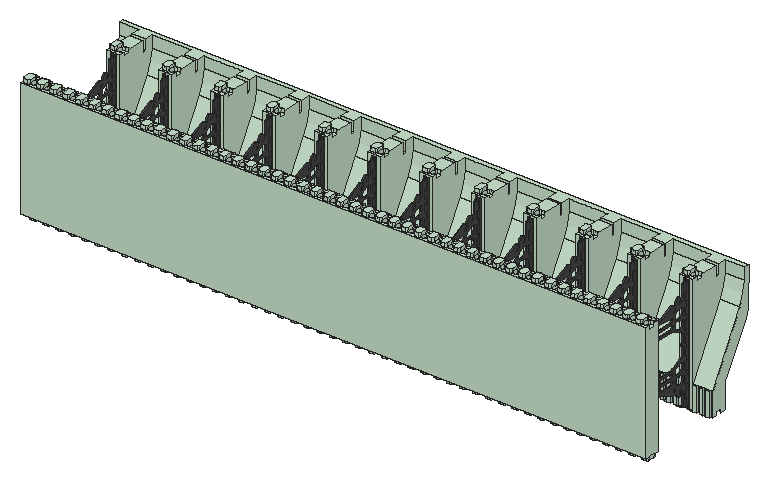
Revit family (continued)
Forms (in)
  Extrusion 106, void
    sketch origin (90, -4, 0) x (-1, 0, 0) y (0, -1, 0)
      loop
        arc (2, 4.89808) -> (1.95215, 5.04517) -> (1.82692, 5.13595) r 0.25
        arc (1.82692, 5.13595) -> (1.5, 5.1875) -> (1.17308, 5.13595) r 1.0625
        arc (1.17308, 5.13595) -> (1.04785, 5.04517) -> (1, 4.89808) r 0.25
    from 0 to 0.5
  Extrusion 107, void
    sketch origin (92, -4, 0) x (-1, 0, 0) y (0, -1, 0)
      loop
        line (1, 4.89808) -> (1, 3.97692)
        arc (1, 3.97692) -> (1.04785, 3.82983) -> (1.17308, 3.73905) r 0.25
        arc (1.17308, 3.73905) -> (1.42092, 3.69045) -> (1.67323, 3.70172) r 1.0625
        arc (1.67323, 3.70172) -> (1.72385, 3.68771) -> (1.74592, 3.64005) r 0.0625
        line (1.74592, 3.64005) -> (1.74592, 3.41845) -> (1.91675, 3.41845) -> (1.91675, 3.76455)
        arc (1.91675, 3.76455) -> (1.92106, 3.78736) -> (1.9334, 3.80702) r 0.0625
        arc (1.9334, 3.80702) -> (1.98276, 3.88568) -> (2, 3.97692) r 0.25
        line (2, 3.97692) -> (2, 4.89808)
        arc (2, 4.89808) -> (1.95215, 5.04517) -> (1.82692, 5.13595) r 0.25
        arc (1.82692, 5.13595) -> (1.5, 5.1875) -> (1.17308, 5.13595) r 1.0625
        arc (1.17308, 5.13595) -> (1.04785, 5.04517) -> (1, 4.89808) r 0.25
    from 0 to 0.5
  Extrusion 108, void
    sketch origin (94, -4, 0) x (-1, 0, 0) y (0, -1, 0)
      loop
        line (1, 4.89808) -> (1, 3.97692)
        arc (1, 3.97692) -> (1.04785, 3.82983) -> (1.17308, 3.73905) r 0.25
        arc (1.17308, 3.73905) -> (1.42092, 3.69045) -> (1.67323, 3.70172) r 1.0625
        arc (1.67323, 3.70172) -> (1.72385, 3.68771) -> (1.74592, 3.64005) r 0.0625
        line (1.74592, 3.64005) -> (1.74592, 3.41845) -> (1.91675, 3.41845) -> (1.91675, 3.76455)
        arc (1.91675, 3.76455) -> (1.92106, 3.78736) -> (1.9334, 3.80702) r 0.0625
        arc (1.9334, 3.80702) -> (1.98276, 3.88568) -> (2, 3.97692) r 0.25
        line (2, 3.97692) -> (2, 4.89808)
        arc (2, 4.89808) -> (1.95215, 5.04517) -> (1.82692, 5.13595) r 0.25
        arc (1.82692, 5.13595) -> (1.5, 5.1875) -> (1.17308, 5.13595) r 1.0625
        arc (1.17308, 5.13595) -> (1.04785, 5.04517) -> (1, 4.89808) r 0.25
    from 0 to 0.5
  Extrusion 109, void
    sketch origin (96, -4, 0) x (-1, 0, 0) y (0, -1, 0)
      loop
        line (1, 4.89808) -> (1, 3.97692)
        arc (1, 3.97692) -> (1.04785, 3.82983) -> (1.17308, 3.73905) r 0.25
        arc (1.17308, 3.73905) -> (1.42092, 3.69045) -> (1.67323, 3.70172) r 1.0625
        arc (1.67323, 3.70172) -> (1.72385, 3.68771) -> (1.74592, 3.64005) r 0.0625
        line (1.74592, 3.64005) -> (1.74592, 3.41845) -> (1.91675, 3.41845) -> (1.91675, 3.76455)
        arc (1.91675, 3.76455) -> (1.92106, 3.78736) -> (1.9334, 3.80702) r 0.0625
        arc (1.9334, 3.80702) -> (1.98276, 3.88568) -> (2, 3.97692) r 0.25
        line (2, 3.97692) -> (2, 4.89808)
        arc (2, 4.89808) -> (1.95215, 5.04517) -> (1.82692, 5.13595) r 0.25
        arc (1.82692, 5.13595) -> (1.5, 5.1875) -> (1.17308, 5.13595) r 1.0625
        arc (1.17308, 5.13595) -> (1.04785, 5.04517) -> (1, 4.89808) r 0.25
    from 0 to 0.5
  Extrusion 110, void
    sketch origin (94, 0, 0) x (1, 0, 0) y (0, 1, 0)
      loop
        line (1, 4.89808) -> (1, 3.97692)
        arc (1, 3.97692) -> (1.04785, 3.82983) -> (1.17308, 3.73905) r 0.25
        arc (1.17308, 3.73905) -> (1.42092, 3.69045) -> (1.67323, 3.70172) r 1.0625
        arc (1.67323, 3.70172) -> (1.72385, 3.68771) -> (1.74592, 3.64005) r 0.0625
        line (1.74592, 3.64005) -> (1.74592, 3.41845) -> (1.91675, 3.41845) -> (1.91675, 3.76455)
        arc (1.91675, 3.76455) -> (1.92106, 3.78736) -> (1.9334, 3.80702) r 0.0625
        arc (1.9334, 3.80702) -> (1.98276, 3.88568) -> (2, 3.97692) r 0.25
        line (2, 3.97692) -> (2, 4.89808)
        arc (2, 4.89808) -> (1.95215, 5.04517) -> (1.82692, 5.13595) r 0.25
        arc (1.82692, 5.13595) -> (1.5, 5.1875) -> (1.17308, 5.13595) r 1.0625
        arc (1.17308, 5.13595) -> (1.04785, 5.04517) -> (1, 4.89808) r 0.25
    from 0 to 0.5
  Extrusion 111, void
    sketch origin (92, 0, 0) x (1, 0, 0) y (0, 1, 0)
      loop
        line (1, 4.89808) -> (1, 3.97692)
        arc (1, 3.97692) -> (1.04785, 3.82983) -> (1.17308, 3.73905) r 0.25
        arc (1.17308, 3.73905) -> (1.42092, 3.69045) -> (1.67323, 3.70172) r 1.0625
        arc (1.67323, 3.70172) -> (1.72385, 3.68771) -> (1.74592, 3.64005) r 0.0625
        line (1.74592, 3.64005) -> (1.74592, 3.41845) -> (1.91675, 3.41845) -> (1.91675, 3.76455)
        arc (1.91675, 3.76455) -> (1.92106, 3.78736) -> (1.9334, 3.80702) r 0.0625
        arc (1.9334, 3.80702) -> (1.98276, 3.88568) -> (2, 3.97692) r 0.25
        line (2, 3.97692) -> (2, 4.89808)
        arc (2, 4.89808) -> (1.95215, 5.04517) -> (1.82692, 5.13595) r 0.25
        arc (1.82692, 5.13595) -> (1.5, 5.1875) -> (1.17308, 5.13595) r 1.0625
        arc (1.17308, 5.13595) -> (1.04785, 5.04517) -> (1, 4.89808) r 0.25
    from 0 to 0.5
  Extrusion 112, void
    sketch origin (90, 0, 0) x (1, 0, 0) y (0, 1, 0)
      loop
        line (1, 4.89808) -> (1, 3.97692)
        arc (1, 3.97692) -> (1.04785, 3.82983) -> (1.17308, 3.73905) r 0.25
        arc (1.17308, 3.73905) -> (1.42092, 3.69045) -> (1.67323, 3.70172) r 1.0625
        arc (1.67323, 3.70172) -> (1.72385, 3.68771) -> (1.74592, 3.64005) r 0.0625
        line (1.74592, 3.64005) -> (1.74592, 3.41845) -> (1.91675, 3.41845) -> (1.91675, 3.76455)
        arc (1.91675, 3.76455) -> (1.92106, 3.78736) -> (1.9334, 3.80702) r 0.0625
        arc (1.9334, 3.80702) -> (1.98276, 3.88568) -> (2, 3.97692) r 0.25
        line (2, 3.97692) -> (2, 4.89808)
        arc (2, 4.89808) -> (1.95215, 5.04517) -> (1.82692, 5.13595) r 0.25
        arc (1.82692, 5.13595) -> (1.5, 5.1875) -> (1.17308, 5.13595) r 1.0625
        arc (1.17308, 5.13595) -> (1.04785, 5.04517) -> (1, 4.89808) r 0.25
    from 0 to 0.5
  Extrusion 113, void
    sketch origin (88, 0, 0) x (1, 0, 0) y (0, 1, 0)
      loop
        line (1, 4.89808) -> (1, 3.97692)
        arc (1, 3.97692) -> (1.04785, 3.82983) -> (1.17308, 3.73905) r 0.25
        arc (1.17308, 3.73905) -> (1.42092, 3.69045) -> (1.67323, 3.70172) r 1.0625
        arc (1.67323, 3.70172) -> (1.72385, 3.68771) -> (1.74592, 3.64005) r 0.0625
        line (1.74592, 3.64005) -> (1.74592, 3.41845) -> (1.91675, 3.41845) -> (1.91675, 3.76455)
        arc (1.91675, 3.76455) -> (1.92106, 3.78736) -> (1.9334, 3.80702) r 0.0625
        arc (1.9334, 3.80702) -> (1.98276, 3.88568) -> (2, 3.97692) r 0.25
        line (2, 3.97692) -> (2, 4.89808)
        arc (2, 4.89808) -> (1.95215, 5.04517) -> (1.82692, 5.13595) r 0.25
        arc (1.82692, 5.13595) -> (1.5, 5.1875) -> (1.17308, 5.13595) r 1.0625
        arc (1.17308, 5.13595) -> (1.04785, 5.04517) -> (1, 4.89808) r 0.25
    from 0 to 0.5
  Extrusion 114, void
    sketch origin (86, 0, 0) x (1, 0, 0) y (0, 1, 0)
      loop
        line (1, 4.89808) -> (1, 3.97692)
        arc (1, 3.97692) -> (1.04785, 3.82983) -> (1.17308, 3.73905) r 0.25
        arc (1.17308, 3.73905) -> (1.42092, 3.69045) -> (1.67323, 3.70172) r 1.0625
        arc (1.67323, 3.70172) -> (1.72385, 3.68771) -> (1.74592, 3.64005) r 0.0625
        line (1.74592, 3.64005) -> (1.74592, 3.41845) -> (1.91675, 3.41845) -> (1.91675, 3.76455)
        arc (1.91675, 3.76455) -> (1.92106, 3.78736) -> (1.9334, 3.80702) r 0.0625
        arc (1.9334, 3.80702) -> (1.98276, 3.88568) -> (2, 3.97692) r 0.25
        line (2, 3.97692) -> (2, 4.89808)
        arc (2, 4.89808) -> (1.95215, 5.04517) -> (1.82692, 5.13595) r 0.25
        arc (1.82692, 5.13595) -> (1.5, 5.1875) -> (1.17308, 5.13595) r 1.0625
        arc (1.17308, 5.13595) -> (1.04785, 5.04517) -> (1, 4.89808) r 0.25
    from 0 to 0.5
  Extrusion 115, void
    sketch origin (84, 0, 0) x (1, 0, 0) y (0, 1, 0)
      loop
        line (1, 4.89808) -> (1, 3.97692)
        arc (1, 3.97692) -> (1.04785, 3.82983) -> (1.17308, 3.73905) r 0.25
        arc (1.17308, 3.73905) -> (1.42092, 3.69045) -> (1.67323, 3.70172) r 1.0625
        arc (1.67323, 3.70172) -> (1.72385, 3.68771) -> (1.74592, 3.64005) r 0.0625
        line (1.74592, 3.64005) -> (1.74592, 3.41845) -> (1.91675, 3.41845) -> (1.91675, 3.76455)
        arc (1.91675, 3.76455) -> (1.92106, 3.78736) -> (1.9334, 3.80702) r 0.0625
        arc (1.9334, 3.80702) -> (1.98276, 3.88568) -> (2, 3.97692) r 0.25
        line (2, 3.97692) -> (2, 4.89808)
        arc (2, 4.89808) -> (1.95215, 5.04517) -> (1.82692, 5.13595) r 0.25
        arc (1.82692, 5.13595) -> (1.5, 5.1875) -> (1.17308, 5.13595) r 1.0625
        arc (1.17308, 5.13595) -> (1.04785, 5.04517) -> (1, 4.89808) r 0.25
    from 0 to 0.5
  Extrusion 116, void
    sketch origin (82, 0, 0) x (1, 0, 0) y (0, 1, 0)
      loop
        line (1, 4.89808) -> (1, 3.97692)
        arc (1, 3.97692) -> (1.04785, 3.82983) -> (1.17308, 3.73905) r 0.25
        arc (1.17308, 3.73905) -> (1.42092, 3.69045) -> (1.67323, 3.70172) r 1.0625
        arc (1.67323, 3.70172) -> (1.72385, 3.68771) -> (1.74592, 3.64005) r 0.0625
        line (1.74592, 3.64005) -> (1.74592, 3.41845) -> (1.91675, 3.41845) -> (1.91675, 3.76455)
        arc (1.91675, 3.76455) -> (1.92106, 3.78736) -> (1.9334, 3.80702) r 0.0625
        arc (1.9334, 3.80702) -> (1.98276, 3.88568) -> (2, 3.97692) r 0.25
        line (2, 3.97692) -> (2, 4.89808)
        arc (2, 4.89808) -> (1.95215, 5.04517) -> (1.82692, 5.13595) r 0.25
        arc (1.82692, 5.13595) -> (1.5, 5.1875) -> (1.17308, 5.13595) r 1.0625
        arc (1.17308, 5.13595) -> (1.04785, 5.04517) -> (1, 4.89808) r 0.25
    from 0 to 0.5
  Extrusion 117, void
    sketch origin (80, 0, 0) x (1, 0, 0) y (0, 1, 0)
      loop
        line (1, 4.89808) -> (1, 3.97692)
        arc (1, 3.97692) -> (1.04785, 3.82983) -> (1.17308, 3.73905) r 0.25
        arc (1.17308, 3.73905) -> (1.42092, 3.69045) -> (1.67323, 3.70172) r 1.0625
        arc (1.67323, 3.70172) -> (1.72385, 3.68771) -> (1.74592, 3.64005) r 0.0625
        line (1.74592, 3.64005) -> (1.74592, 3.41845) -> (1.91675, 3.41845) -> (1.91675, 3.76455)
        arc (1.91675, 3.76455) -> (1.92106, 3.78736) -> (1.9334, 3.80702) r 0.0625
        arc (1.9334, 3.80702) -> (1.98276, 3.88568) -> (2, 3.97692) r 0.25
        line (2, 3.97692) -> (2, 4.89808)
        arc (2, 4.89808) -> (1.95215, 5.04517) -> (1.82692, 5.13595) r 0.25
        arc (1.82692, 5.13595) -> (1.5, 5.1875) -> (1.17308, 5.13595) r 1.0625
        arc (1.17308, 5.13595) -> (1.04785, 5.04517) -> (1, 4.89808) r 0.25
    from 0 to 0.5
  Extrusion 118, void
    sketch origin (78, 0, 0) x (1, 0, 0) y (0, 1, 0)
      loop
        line (1, 4.89808) -> (1, 3.97692)
        arc (1, 3.97692) -> (1.04785, 3.82983) -> (1.17308, 3.73905) r 0.25
        arc (1.17308, 3.73905) -> (1.42092, 3.69045) -> (1.67323, 3.70172) r 1.0625
        arc (1.67323, 3.70172) -> (1.72385, 3.68771) -> (1.74592, 3.64005) r 0.0625
        line (1.74592, 3.64005) -> (1.74592, 3.41845) -> (1.91675, 3.41845) -> (1.91675, 3.76455)
        arc (1.91675, 3.76455) -> (1.92106, 3.78736) -> (1.9334, 3.80702) r 0.0625
        arc (1.9334, 3.80702) -> (1.98276, 3.88568) -> (2, 3.97692) r 0.25
        line (2, 3.97692) -> (2, 4.89808)
        arc (2, 4.89808) -> (1.95215, 5.04517) -> (1.82692, 5.13595) r 0.25
        arc (1.82692, 5.13595) -> (1.5, 5.1875) -> (1.17308, 5.13595) r 1.0625
        arc (1.17308, 5.13595) -> (1.04785, 5.04517) -> (1, 4.89808) r 0.25
    from 0 to 0.5
  Extrusion 119, void
    sketch origin (76, 0, 0) x (1, 0, 0) y (0, 1, 0)
      loop
        line (1, 4.89808) -> (1, 3.97692)
        arc (1, 3.97692) -> (1.04785, 3.82983) -> (1.17308, 3.73905) r 0.25
        arc (1.17308, 3.73905) -> (1.42092, 3.69045) -> (1.67323, 3.70172) r 1.0625
        arc (1.67323, 3.70172) -> (1.72385, 3.68771) -> (1.74592, 3.64005) r 0.0625
        line (1.74592, 3.64005) -> (1.74592, 3.41845) -> (1.91675, 3.41845) -> (1.91675, 3.76455)
        arc (1.91675, 3.76455) -> (1.92106, 3.78736) -> (1.9334, 3.80702) r 0.0625
        arc (1.9334, 3.80702) -> (1.98276, 3.88568) -> (2, 3.97692) r 0.25
        line (2, 3.97692) -> (2, 4.89808)
        arc (2, 4.89808) -> (1.95215, 5.04517) -> (1.82692, 5.13595) r 0.25
        arc (1.82692, 5.13595) -> (1.5, 5.1875) -> (1.17308, 5.13595) r 1.0625
        arc (1.17308, 5.13595) -> (1.04785, 5.04517) -> (1, 4.89808) r 0.25
    from 0 to 0.5
  Extrusion 120, void
    sketch origin (74, 0, 0) x (1, 0, 0) y (0, 1, 0)
      loop
        line (1, 4.89808) -> (1, 3.97692)
        arc (1, 3.97692) -> (1.04785, 3.82983) -> (1.17308, 3.73905) r 0.25
        arc (1.17308, 3.73905) -> (1.42092, 3.69045) -> (1.67323, 3.70172) r 1.0625
        arc (1.67323, 3.70172) -> (1.72385, 3.68771) -> (1.74592, 3.64005) r 0.0625
        line (1.74592, 3.64005) -> (1.74592, 3.41845) -> (1.91675, 3.41845) -> (1.91675, 3.76455)
        arc (1.91675, 3.76455) -> (1.92106, 3.78736) -> (1.9334, 3.80702) r 0.0625
        arc (1.9334, 3.80702) -> (1.98276, 3.88568) -> (2, 3.97692) r 0.25
        line (2, 3.97692) -> (2, 4.89808)
        arc (2, 4.89808) -> (1.95215, 5.04517) -> (1.82692, 5.13595) r 0.25
        arc (1.82692, 5.13595) -> (1.5, 5.1875) -> (1.17308, 5.13595) r 1.0625
        arc (1.17308, 5.13595) -> (1.04785, 5.04517) -> (1, 4.89808) r 0.25
    from 0 to 0.5
  Extrusion 121, void
    sketch origin (72, 0, 0) x (1, 0, 0) y (0, 1, 0)
      loop
        line (1, 4.89808) -> (1, 3.97692)
        arc (1, 3.97692) -> (1.04785, 3.82983) -> (1.17308, 3.73905) r 0.25
        arc (1.17308, 3.73905) -> (1.42092, 3.69045) -> (1.67323, 3.70172) r 1.0625
        arc (1.67323, 3.70172) -> (1.72385, 3.68771) -> (1.74592, 3.64005) r 0.0625
        line (1.74592, 3.64005) -> (1.74592, 3.41845) -> (1.91675, 3.41845) -> (1.91675, 3.76455)
        arc (1.91675, 3.76455) -> (1.92106, 3.78736) -> (1.9334, 3.80702) r 0.0625
        arc (1.9334, 3.80702) -> (1.98276, 3.88568) -> (2, 3.97692) r 0.25
        line (2, 3.97692) -> (2, 4.89808)
        arc (2, 4.89808) -> (1.95215, 5.04517) -> (1.82692, 5.13595) r 0.25
        arc (1.82692, 5.13595) -> (1.5, 5.1875) -> (1.17308, 5.13595) r 1.0625
        arc (1.17308, 5.13595) -> (1.04785, 5.04517) -> (1, 4.89808) r 0.25
    from 0 to 0.5
  Extrusion 122, void
    sketch origin (70, 0, 0) x (1, 0, 0) y (0, 1, 0)
      loop
        line (1, 4.89808) -> (1, 3.97692)
        arc (1, 3.97692) -> (1.04785, 3.82983) -> (1.17308, 3.73905) r 0.25
        arc (1.17308, 3.73905) -> (1.42092, 3.69045) -> (1.67323, 3.70172) r 1.0625
        arc (1.67323, 3.70172) -> (1.72385, 3.68771) -> (1.74592, 3.64005) r 0.0625
        line (1.74592, 3.64005) -> (1.74592, 3.41845) -> (1.91675, 3.41845) -> (1.91675, 3.76455)
        arc (1.91675, 3.76455) -> (1.92106, 3.78736) -> (1.9334, 3.80702) r 0.0625
        arc (1.9334, 3.80702) -> (1.98276, 3.88568) -> (2, 3.97692) r 0.25
        line (2, 3.97692) -> (2, 4.89808)
        arc (2, 4.89808) -> (1.95215, 5.04517) -> (1.82692, 5.13595) r 0.25
        arc (1.82692, 5.13595) -> (1.5, 5.1875) -> (1.17308, 5.13595) r 1.0625
        arc (1.17308, 5.13595) -> (1.04785, 5.04517) -> (1, 4.89808) r 0.25
    from 0 to 0.5
  Extrusion 123, void
    sketch origin (68, 0, 0) x (1, 0, 0) y (0, 1, 0)
      loop
        line (1, 4.89808) -> (1, 3.97692)
        arc (1, 3.97692) -> (1.04785, 3.82983) -> (1.17308, 3.73905) r 0.25
        arc (1.17308, 3.73905) -> (1.42092, 3.69045) -> (1.67323, 3.70172) r 1.0625
        arc (1.67323, 3.70172) -> (1.72385, 3.68771) -> (1.74592, 3.64005) r 0.0625
        line (1.74592, 3.64005) -> (1.74592, 3.41845) -> (1.91675, 3.41845) -> (1.91675, 3.76455)
        arc (1.91675, 3.76455) -> (1.92106, 3.78736) -> (1.9334, 3.80702) r 0.0625
        arc (1.9334, 3.80702) -> (1.98276, 3.88568) -> (2, 3.97692) r 0.25
        line (2, 3.97692) -> (2, 4.89808)
        arc (2, 4.89808) -> (1.95215, 5.04517) -> (1.82692, 5.13595) r 0.25
        arc (1.82692, 5.13595) -> (1.5, 5.1875) -> (1.17308, 5.13595) r 1.0625
        arc (1.17308, 5.13595) -> (1.04785, 5.04517) -> (1, 4.89808) r 0.25
    from 0 to 0.5
  Extrusion 124, void
    sketch origin (66, 0, 0) x (1, 0, 0) y (0, 1, 0)
      loop
        line (1, 4.89808) -> (1, 3.97692)
        arc (1, 3.97692) -> (1.04785, 3.82983) -> (1.17308, 3.73905) r 0.25
        arc (1.17308, 3.73905) -> (1.42092, 3.69045) -> (1.67323, 3.70172) r 1.0625
        arc (1.67323, 3.70172) -> (1.72385, 3.68771) -> (1.74592, 3.64005) r 0.0625
        line (1.74592, 3.64005) -> (1.74592, 3.41845) -> (1.91675, 3.41845) -> (1.91675, 3.76455)
        arc (1.91675, 3.76455) -> (1.92106, 3.78736) -> (1.9334, 3.80702) r 0.0625
        arc (1.9334, 3.80702) -> (1.98276, 3.88568) -> (2, 3.97692) r 0.25
        line (2, 3.97692) -> (2, 4.89808)
        arc (2, 4.89808) -> (1.95215, 5.04517) -> (1.82692, 5.13595) r 0.25
        arc (1.82692, 5.13595) -> (1.5, 5.1875) -> (1.17308, 5.13595) r 1.0625
        arc (1.17308, 5.13595) -> (1.04785, 5.04517) -> (1, 4.89808) r 0.25
    from 0 to 0.5
  Extrusion 125, void
    sketch origin (64, 0, 0) x (1, 0, 0) y (0, 1, 0)
      loop
        line (1, 4.89808) -> (1, 3.97692)
        arc (1, 3.97692) -> (1.04785, 3.82983) -> (1.17308, 3.73905) r 0.25
        arc (1.17308, 3.73905) -> (1.42092, 3.69045) -> (1.67323, 3.70172) r 1.0625
        arc (1.67323, 3.70172) -> (1.72385, 3.68771) -> (1.74592, 3.64005) r 0.0625
        line (1.74592, 3.64005) -> (1.74592, 3.41845) -> (1.91675, 3.41845) -> (1.91675, 3.76455)
        arc (1.91675, 3.76455) -> (1.92106, 3.78736) -> (1.9334, 3.80702) r 0.0625
        arc (1.9334, 3.80702) -> (1.98276, 3.88568) -> (2, 3.97692) r 0.25
        line (2, 3.97692) -> (2, 4.89808)
        arc (2, 4.89808) -> (1.95215, 5.04517) -> (1.82692, 5.13595) r 0.25
        arc (1.82692, 5.13595) -> (1.5, 5.1875) -> (1.17308, 5.13595) r 1.0625
        arc (1.17308, 5.13595) -> (1.04785, 5.04517) -> (1, 4.89808) r 0.25
    from 0 to 0.5
  Extrusion 126, void
    sketch origin (62, 0, 0) x (1, 0, 0) y (0, 1, 0)
      loop
        line (1, 4.89808) -> (1, 3.97692)
        arc (1, 3.97692) -> (1.04785, 3.82983) -> (1.17308, 3.73905) r 0.25
        arc (1.17308, 3.73905) -> (1.42092, 3.69045) -> (1.67323, 3.70172) r 1.0625
        arc (1.67323, 3.70172) -> (1.72385, 3.68771) -> (1.74592, 3.64005) r 0.0625
        line (1.74592, 3.64005) -> (1.74592, 3.41845) -> (1.91675, 3.41845) -> (1.91675, 3.76455)
        arc (1.91675, 3.76455) -> (1.92106, 3.78736) -> (1.9334, 3.80702) r 0.0625
        arc (1.9334, 3.80702) -> (1.98276, 3.88568) -> (2, 3.97692) r 0.25
        line (2, 3.97692) -> (2, 4.89808)
        arc (2, 4.89808) -> (1.95215, 5.04517) -> (1.82692, 5.13595) r 0.25
        arc (1.82692, 5.13595) -> (1.5, 5.1875) -> (1.17308, 5.13595) r 1.0625
        arc (1.17308, 5.13595) -> (1.04785, 5.04517) -> (1, 4.89808) r 0.25
    from 0 to 0.5
  Extrusion 127, void
    sketch origin (60, 0, 0) x (1, 0, 0) y (0, 1, 0)
      loop
        line (1, 4.89808) -> (1, 3.97692)
        arc (1, 3.97692) -> (1.04785, 3.82983) -> (1.17308, 3.73905) r 0.25
        arc (1.17308, 3.73905) -> (1.42092, 3.69045) -> (1.67323, 3.70172) r 1.0625
        arc (1.67323, 3.70172) -> (1.72385, 3.68771) -> (1.74592, 3.64005) r 0.0625
        line (1.74592, 3.64005) -> (1.74592, 3.41845) -> (1.91675, 3.41845) -> (1.91675, 3.76455)
        arc (1.91675, 3.76455) -> (1.92106, 3.78736) -> (1.9334, 3.80702) r 0.0625
        arc (1.9334, 3.80702) -> (1.98276, 3.88568) -> (2, 3.97692) r 0.25
        line (2, 3.97692) -> (2, 4.89808)
        arc (2, 4.89808) -> (1.95215, 5.04517) -> (1.82692, 5.13595) r 0.25
        arc (1.82692, 5.13595) -> (1.5, 5.1875) -> (1.17308, 5.13595) r 1.0625
        arc (1.17308, 5.13595) -> (1.04785, 5.04517) -> (1, 4.89808) r 0.25
    from 0 to 0.5
  Extrusion 128, void
    sketch origin (58, 0, 0) x (1, 0, 0) y (0, 1, 0)
      loop
        line (1, 4.89808) -> (1, 3.97692)
        arc (1, 3.97692) -> (1.04785, 3.82983) -> (1.17308, 3.73905) r 0.25
        arc (1.17308, 3.73905) -> (1.42092, 3.69045) -> (1.67323, 3.70172) r 1.0625
        arc (1.67323, 3.70172) -> (1.72385, 3.68771) -> (1.74592, 3.64005) r 0.0625
        line (1.74592, 3.64005) -> (1.74592, 3.41845) -> (1.91675, 3.41845) -> (1.91675, 3.76455)
        arc (1.91675, 3.76455) -> (1.92106, 3.78736) -> (1.9334, 3.80702) r 0.0625
        arc (1.9334, 3.80702) -> (1.98276, 3.88568) -> (2, 3.97692) r 0.25
        line (2, 3.97692) -> (2, 4.89808)
        arc (2, 4.89808) -> (1.95215, 5.04517) -> (1.82692, 5.13595) r 0.25
        arc (1.82692, 5.13595) -> (1.5, 5.1875) -> (1.17308, 5.13595) r 1.0625
        arc (1.17308, 5.13595) -> (1.04785, 5.04517) -> (1, 4.89808) r 0.25
    from 0 to 0.5
  Extrusion 129, void
    sketch origin (56, 0, 0) x (1, 0, 0) y (0, 1, 0)
      loop
        line (1, 4.89808) -> (1, 3.97692)
        arc (1, 3.97692) -> (1.04785, 3.82983) -> (1.17308, 3.73905) r 0.25
        arc (1.17308, 3.73905) -> (1.42092, 3.69045) -> (1.67323, 3.70172) r 1.0625
        arc (1.67323, 3.70172) -> (1.72385, 3.68771) -> (1.74592, 3.64005) r 0.0625
        line (1.74592, 3.64005) -> (1.74592, 3.41845) -> (1.91675, 3.41845) -> (1.91675, 3.76455)
        arc (1.91675, 3.76455) -> (1.92106, 3.78736) -> (1.9334, 3.80702) r 0.0625
        arc (1.9334, 3.80702) -> (1.98276, 3.88568) -> (2, 3.97692) r 0.25
        line (2, 3.97692) -> (2, 4.89808)
        arc (2, 4.89808) -> (1.95215, 5.04517) -> (1.82692, 5.13595) r 0.25
        arc (1.82692, 5.13595) -> (1.5, 5.1875) -> (1.17308, 5.13595) r 1.0625
        arc (1.17308, 5.13595) -> (1.04785, 5.04517) -> (1, 4.89808) r 0.25
    from 0 to 0.5
  Extrusion 130, void
    sketch origin (54, 0, 0) x (1, 0, 0) y (0, 1, 0)
      loop
        line (1, 4.89808) -> (1, 3.97692)
        arc (1, 3.97692) -> (1.04785, 3.82983) -> (1.17308, 3.73905) r 0.25
        arc (1.17308, 3.73905) -> (1.42092, 3.69045) -> (1.67323, 3.70172) r 1.0625
        arc (1.67323, 3.70172) -> (1.72385, 3.68771) -> (1.74592, 3.64005) r 0.0625
        line (1.74592, 3.64005) -> (1.74592, 3.41845) -> (1.91675, 3.41845) -> (1.91675, 3.76455)
        arc (1.91675, 3.76455) -> (1.92106, 3.78736) -> (1.9334, 3.80702) r 0.0625
        arc (1.9334, 3.80702) -> (1.98276, 3.88568) -> (2, 3.97692) r 0.25
        line (2, 3.97692) -> (2, 4.89808)
        arc (2, 4.89808) -> (1.95215, 5.04517) -> (1.82692, 5.13595) r 0.25
        arc (1.82692, 5.13595) -> (1.5, 5.1875) -> (1.17308, 5.13595) r 1.0625
        arc (1.17308, 5.13595) -> (1.04785, 5.04517) -> (1, 4.89808) r 0.25
    from 0 to 0.5
  Extrusion 131, void
    sketch origin (52, 0, 0) x (1, 0, 0) y (0, 1, 0)
      loop
        line (1, 4.89808) -> (1, 3.97692)
        arc (1, 3.97692) -> (1.04785, 3.82983) -> (1.17308, 3.73905) r 0.25
        arc (1.17308, 3.73905) -> (1.42092, 3.69045) -> (1.67323, 3.70172) r 1.0625
        arc (1.67323, 3.70172) -> (1.72385, 3.68771) -> (1.74592, 3.64005) r 0.0625
        line (1.74592, 3.64005) -> (1.74592, 3.41845) -> (1.91675, 3.41845) -> (1.91675, 3.76455)
        arc (1.91675, 3.76455) -> (1.92106, 3.78736) -> (1.9334, 3.80702) r 0.0625
        arc (1.9334, 3.80702) -> (1.98276, 3.88568) -> (2, 3.97692) r 0.25
        line (2, 3.97692) -> (2, 4.89808)
        arc (2, 4.89808) -> (1.95215, 5.04517) -> (1.82692, 5.13595) r 0.25
        arc (1.82692, 5.13595) -> (1.5, 5.1875) -> (1.17308, 5.13595) r 1.0625
        arc (1.17308, 5.13595) -> (1.04785, 5.04517) -> (1, 4.89808) r 0.25
    from 0 to 0.5
  Extrusion 132, void
    sketch origin (50, 0, 0) x (1, 0, 0) y (0, 1, 0)
      loop
        line (1, 4.89808) -> (1, 3.97692)
        arc (1, 3.97692) -> (1.04785, 3.82983) -> (1.17308, 3.73905) r 0.25
        arc (1.17308, 3.73905) -> (1.42092, 3.69045) -> (1.67323, 3.70172) r 1.0625
        arc (1.67323, 3.70172) -> (1.72385, 3.68771) -> (1.74592, 3.64005) r 0.0625
        line (1.74592, 3.64005) -> (1.74592, 3.41845) -> (1.91675, 3.41845) -> (1.91675, 3.76455)
        arc (1.91675, 3.76455) -> (1.92106, 3.78736) -> (1.9334, 3.80702) r 0.0625
        arc (1.9334, 3.80702) -> (1.98276, 3.88568) -> (2, 3.97692) r 0.25
        line (2, 3.97692) -> (2, 4.89808)
        arc (2, 4.89808) -> (1.95215, 5.04517) -> (1.82692, 5.13595) r 0.25
        arc (1.82692, 5.13595) -> (1.5, 5.1875) -> (1.17308, 5.13595) r 1.0625
        arc (1.17308, 5.13595) -> (1.04785, 5.04517) -> (1, 4.89808) r 0.25
    from 0 to 0.5
  Extrusion 133, void
    sketch origin (48, 0, 0) x (1, 0, 0) y (0, 1, 0)
      loop
        line (1, 4.89808) -> (1, 3.97692)
        arc (1, 3.97692) -> (1.04785, 3.82983) -> (1.17308, 3.73905) r 0.25
        arc (1.17308, 3.73905) -> (1.42092, 3.69045) -> (1.67323, 3.70172) r 1.0625
        arc (1.67323, 3.70172) -> (1.72385, 3.68771) -> (1.74592, 3.64005) r 0.0625
        line (1.74592, 3.64005) -> (1.74592, 3.41845) -> (1.91675, 3.41845) -> (1.91675, 3.76455)
        arc (1.91675, 3.76455) -> (1.92106, 3.78736) -> (1.9334, 3.80702) r 0.0625
        arc (1.9334, 3.80702) -> (1.98276, 3.88568) -> (2, 3.97692) r 0.25
        line (2, 3.97692) -> (2, 4.89808)
        arc (2, 4.89808) -> (1.95215, 5.04517) -> (1.82692, 5.13595) r 0.25
        arc (1.82692, 5.13595) -> (1.5, 5.1875) -> (1.17308, 5.13595) r 1.0625
        arc (1.17308, 5.13595) -> (1.04785, 5.04517) -> (1, 4.89808) r 0.25
    from 0 to 0.5
  Extrusion 134, void
    sketch origin (46, 0, 0) x (1, 0, 0) y (0, 1, 0)
      loop
        line (1, 4.89808) -> (1, 3.97692)
        arc (1, 3.97692) -> (1.04785, 3.82983) -> (1.17308, 3.73905) r 0.25
        arc (1.17308, 3.73905) -> (1.42092, 3.69045) -> (1.67323, 3.70172) r 1.0625
        arc (1.67323, 3.70172) -> (1.72385, 3.68771) -> (1.74592, 3.64005) r 0.0625
        line (1.74592, 3.64005) -> (1.74592, 3.41845) -> (1.91675, 3.41845) -> (1.91675, 3.76455)
        arc (1.91675, 3.76455) -> (1.92106, 3.78736) -> (1.9334, 3.80702) r 0.0625
        arc (1.9334, 3.80702) -> (1.98276, 3.88568) -> (2, 3.97692) r 0.25
        line (2, 3.97692) -> (2, 4.89808)
        arc (2, 4.89808) -> (1.95215, 5.04517) -> (1.82692, 5.13595) r 0.25
        arc (1.82692, 5.13595) -> (1.5, 5.1875) -> (1.17308, 5.13595) r 1.0625
        arc (1.17308, 5.13595) -> (1.04785, 5.04517) -> (1, 4.89808) r 0.25
    from 0 to 0.5
  Extrusion 135, void
    sketch origin (44, 0, 0) x (1, 0, 0) y (0, 1, 0)
      loop
        line (1, 4.89808) -> (1, 3.97692)
        arc (1, 3.97692) -> (1.04785, 3.82983) -> (1.17308, 3.73905) r 0.25
        arc (1.17308, 3.73905) -> (1.42092, 3.69045) -> (1.67323, 3.70172) r 1.0625
        arc (1.67323, 3.70172) -> (1.72385, 3.68771) -> (1.74592, 3.64005) r 0.0625
        line (1.74592, 3.64005) -> (1.74592, 3.41845) -> (1.91675, 3.41845) -> (1.91675, 3.76455)
        arc (1.91675, 3.76455) -> (1.92106, 3.78736) -> (1.9334, 3.80702) r 0.0625
        arc (1.9334, 3.80702) -> (1.98276, 3.88568) -> (2, 3.97692) r 0.25
        line (2, 3.97692) -> (2, 4.89808)
        arc (2, 4.89808) -> (1.95215, 5.04517) -> (1.82692, 5.13595) r 0.25
        arc (1.82692, 5.13595) -> (1.5, 5.1875) -> (1.17308, 5.13595) r 1.0625
        arc (1.17308, 5.13595) -> (1.04785, 5.04517) -> (1, 4.89808) r 0.25
    from 0 to 0.5
  Extrusion 136, void
    sketch origin (42, 0, 0) x (1, 0, 0) y (0, 1, 0)
      loop
        line (1, 4.89808) -> (1, 3.97692)
        arc (1, 3.97692) -> (1.04785, 3.82983) -> (1.17308, 3.73905) r 0.25
        arc (1.17308, 3.73905) -> (1.42092, 3.69045) -> (1.67323, 3.70172) r 1.0625
        arc (1.67323, 3.70172) -> (1.72385, 3.68771) -> (1.74592, 3.64005) r 0.0625
        line (1.74592, 3.64005) -> (1.74592, 3.41845) -> (1.91675, 3.41845) -> (1.91675, 3.76455)
        arc (1.91675, 3.76455) -> (1.92106, 3.78736) -> (1.9334, 3.80702) r 0.0625
        arc (1.9334, 3.80702) -> (1.98276, 3.88568) -> (2, 3.97692) r 0.25
        line (2, 3.97692) -> (2, 4.89808)
        arc (2, 4.89808) -> (1.95215, 5.04517) -> (1.82692, 5.13595) r 0.25
        arc (1.82692, 5.13595) -> (1.5, 5.1875) -> (1.17308, 5.13595) r 1.0625
        arc (1.17308, 5.13595) -> (1.04785, 5.04517) -> (1, 4.89808) r 0.25
    from 0 to 0.5
  Extrusion 137, void
    sketch origin (40, 0, 0) x (1, 0, 0) y (0, 1, 0)
      loop
        line (1, 4.89808) -> (1, 3.97692)
        arc (1, 3.97692) -> (1.04785, 3.82983) -> (1.17308, 3.73905) r 0.25
        arc (1.17308, 3.73905) -> (1.42092, 3.69045) -> (1.67323, 3.70172) r 1.0625
        arc (1.67323, 3.70172) -> (1.72385, 3.68771) -> (1.74592, 3.64005) r 0.0625
        line (1.74592, 3.64005) -> (1.74592, 3.41845) -> (1.91675, 3.41845) -> (1.91675, 3.76455)
        arc (1.91675, 3.76455) -> (1.92106, 3.78736) -> (1.9334, 3.80702) r 0.0625
        arc (1.9334, 3.80702) -> (1.98276, 3.88568) -> (2, 3.97692) r 0.25
        line (2, 3.97692) -> (2, 4.89808)
        arc (2, 4.89808) -> (1.95215, 5.04517) -> (1.82692, 5.13595) r 0.25
        arc (1.82692, 5.13595) -> (1.5, 5.1875) -> (1.17308, 5.13595) r 1.0625
        arc (1.17308, 5.13595) -> (1.04785, 5.04517) -> (1, 4.89808) r 0.25
    from 0 to 0.5
  Extrusion 138, void
    sketch origin (38, 0, 0) x (1, 0, 0) y (0, 1, 0)
      loop
        line (1, 4.89808) -> (1, 3.97692)
        arc (1, 3.97692) -> (1.04785, 3.82983) -> (1.17308, 3.73905) r 0.25
        arc (1.17308, 3.73905) -> (1.42092, 3.69045) -> (1.67323, 3.70172) r 1.0625
        arc (1.67323, 3.70172) -> (1.72385, 3.68771) -> (1.74592, 3.64005) r 0.0625
        line (1.74592, 3.64005) -> (1.74592, 3.41845) -> (1.91675, 3.41845) -> (1.91675, 3.76455)
        arc (1.91675, 3.76455) -> (1.92106, 3.78736) -> (1.9334, 3.80702) r 0.0625
        arc (1.9334, 3.80702) -> (1.98276, 3.88568) -> (2, 3.97692) r 0.25
        line (2, 3.97692) -> (2, 4.89808)
        arc (2, 4.89808) -> (1.95215, 5.04517) -> (1.82692, 5.13595) r 0.25
        arc (1.82692, 5.13595) -> (1.5, 5.1875) -> (1.17308, 5.13595) r 1.0625
        arc (1.17308, 5.13595) -> (1.04785, 5.04517) -> (1, 4.89808) r 0.25
    from 0 to 0.5
  Extrusion 139, void
    sketch origin (36, 0, 0) x (1, 0, 0) y (0, 1, 0)
      loop
        line (1, 4.89808) -> (1, 3.97692)
        arc (1, 3.97692) -> (1.04785, 3.82983) -> (1.17308, 3.73905) r 0.25
        arc (1.17308, 3.73905) -> (1.42092, 3.69045) -> (1.67323, 3.70172) r 1.0625
        arc (1.67323, 3.70172) -> (1.72385, 3.68771) -> (1.74592, 3.64005) r 0.0625
        line (1.74592, 3.64005) -> (1.74592, 3.41845) -> (1.91675, 3.41845) -> (1.91675, 3.76455)
        arc (1.91675, 3.76455) -> (1.92106, 3.78736) -> (1.9334, 3.80702) r 0.0625
        arc (1.9334, 3.80702) -> (1.98276, 3.88568) -> (2, 3.97692) r 0.25
        line (2, 3.97692) -> (2, 4.89808)
        arc (2, 4.89808) -> (1.95215, 5.04517) -> (1.82692, 5.13595) r 0.25
        arc (1.82692, 5.13595) -> (1.5, 5.1875) -> (1.17308, 5.13595) r 1.0625
        arc (1.17308, 5.13595) -> (1.04785, 5.04517) -> (1, 4.89808) r 0.25
    from 0 to 0.5
  Extrusion 140, void
    sketch origin (34, 0, 0) x (1, 0, 0) y (0, 1, 0)
      loop
        line (1, 4.89808) -> (1, 3.97692)
        arc (1, 3.97692) -> (1.04785, 3.82983) -> (1.17308, 3.73905) r 0.25
        arc (1.17308, 3.73905) -> (1.42092, 3.69045) -> (1.67323, 3.70172) r 1.0625
        arc (1.67323, 3.70172) -> (1.72385, 3.68771) -> (1.74592, 3.64005) r 0.0625
        line (1.74592, 3.64005) -> (1.74592, 3.41845) -> (1.91675, 3.41845) -> (1.91675, 3.76455)
        arc (1.91675, 3.76455) -> (1.92106, 3.78736) -> (1.9334, 3.80702) r 0.0625
        arc (1.9334, 3.80702) -> (1.98276, 3.88568) -> (2, 3.97692) r 0.25
        line (2, 3.97692) -> (2, 4.89808)
        arc (2, 4.89808) -> (1.95215, 5.04517) -> (1.82692, 5.13595) r 0.25
        arc (1.82692, 5.13595) -> (1.5, 5.1875) -> (1.17308, 5.13595) r 1.0625
        arc (1.17308, 5.13595) -> (1.04785, 5.04517) -> (1, 4.89808) r 0.25
    from 0 to 0.5
  Extrusion 141, void
    sketch origin (32, 0, 0) x (1, 0, 0) y (0, 1, 0)
      loop
        line (1, 4.89808) -> (1, 3.97692)
        arc (1, 3.97692) -> (1.04785, 3.82983) -> (1.17308, 3.73905) r 0.25
        arc (1.17308, 3.73905) -> (1.42092, 3.69045) -> (1.67323, 3.70172) r 1.0625
        arc (1.67323, 3.70172) -> (1.72385, 3.68771) -> (1.74592, 3.64005) r 0.0625
        line (1.74592, 3.64005) -> (1.74592, 3.41845) -> (1.91675, 3.41845) -> (1.91675, 3.76455)
        arc (1.91675, 3.76455) -> (1.92106, 3.78736) -> (1.9334, 3.80702) r 0.0625
        arc (1.9334, 3.80702) -> (1.98276, 3.88568) -> (2, 3.97692) r 0.25
        line (2, 3.97692) -> (2, 4.89808)
        arc (2, 4.89808) -> (1.95215, 5.04517) -> (1.82692, 5.13595) r 0.25
        arc (1.82692, 5.13595) -> (1.5, 5.1875) -> (1.17308, 5.13595) r 1.0625
        arc (1.17308, 5.13595) -> (1.04785, 5.04517) -> (1, 4.89808) r 0.25
    from 0 to 0.5
  Extrusion 142, void
    sketch origin (30, 0, 0) x (1, 0, 0) y (0, 1, 0)
      loop
        line (1, 4.89808) -> (1, 3.97692)
        arc (1, 3.97692) -> (1.04785, 3.82983) -> (1.17308, 3.73905) r 0.25
        arc (1.17308, 3.73905) -> (1.42092, 3.69045) -> (1.67323, 3.70172) r 1.0625
        arc (1.67323, 3.70172) -> (1.72385, 3.68771) -> (1.74592, 3.64005) r 0.0625
        line (1.74592, 3.64005) -> (1.74592, 3.41845) -> (1.91675, 3.41845) -> (1.91675, 3.76455)
        arc (1.91675, 3.76455) -> (1.92106, 3.78736) -> (1.9334, 3.80702) r 0.0625
        arc (1.9334, 3.80702) -> (1.98276, 3.88568) -> (2, 3.97692) r 0.25
        line (2, 3.97692) -> (2, 4.89808)
        arc (2, 4.89808) -> (1.95215, 5.04517) -> (1.82692, 5.13595) r 0.25
        arc (1.82692, 5.13595) -> (1.5, 5.1875) -> (1.17308, 5.13595) r 1.0625
        arc (1.17308, 5.13595) -> (1.04785, 5.04517) -> (1, 4.89808) r 0.25
    from 0 to 0.5
  Extrusion 143, void
    sketch origin (28, 0, 0) x (1, 0, 0) y (0, 1, 0)
      loop
        line (1, 4.89808) -> (1, 3.97692)
        arc (1, 3.97692) -> (1.04785, 3.82983) -> (1.17308, 3.73905) r 0.25
        arc (1.17308, 3.73905) -> (1.42092, 3.69045) -> (1.67323, 3.70172) r 1.0625
        arc (1.67323, 3.70172) -> (1.72385, 3.68771) -> (1.74592, 3.64005) r 0.0625
        line (1.74592, 3.64005) -> (1.74592, 3.41845) -> (1.91675, 3.41845) -> (1.91675, 3.76455)
        arc (1.91675, 3.76455) -> (1.92106, 3.78736) -> (1.9334, 3.80702) r 0.0625
        arc (1.9334, 3.80702) -> (1.98276, 3.88568) -> (2, 3.97692) r 0.25
        line (2, 3.97692) -> (2, 4.89808)
        arc (2, 4.89808) -> (1.95215, 5.04517) -> (1.82692, 5.13595) r 0.25
        arc (1.82692, 5.13595) -> (1.5, 5.1875) -> (1.17308, 5.13595) r 1.0625
        arc (1.17308, 5.13595) -> (1.04785, 5.04517) -> (1, 4.89808) r 0.25
    from 0 to 0.5
  Extrusion 144, void
    sketch origin (26, 0, 0) x (1, 0, 0) y (0, 1, 0)
      loop
        line (1, 4.89808) -> (1, 3.97692)
        arc (1, 3.97692) -> (1.04785, 3.82983) -> (1.17308, 3.73905) r 0.25
        arc (1.17308, 3.73905) -> (1.42092, 3.69045) -> (1.67323, 3.70172) r 1.0625
        arc (1.67323, 3.70172) -> (1.72385, 3.68771) -> (1.74592, 3.64005) r 0.0625
        line (1.74592, 3.64005) -> (1.74592, 3.41845) -> (1.91675, 3.41845) -> (1.91675, 3.76455)
        arc (1.91675, 3.76455) -> (1.92106, 3.78736) -> (1.9334, 3.80702) r 0.0625
        arc (1.9334, 3.80702) -> (1.98276, 3.88568) -> (2, 3.97692) r 0.25
        line (2, 3.97692) -> (2, 4.89808)
        arc (2, 4.89808) -> (1.95215, 5.04517) -> (1.82692, 5.13595) r 0.25
        arc (1.82692, 5.13595) -> (1.5, 5.1875) -> (1.17308, 5.13595) r 1.0625
        arc (1.17308, 5.13595) -> (1.04785, 5.04517) -> (1, 4.89808) r 0.25
    from 0 to 0.5
  Extrusion 145, void
    sketch origin (24, 0, 0) x (1, 0, 0) y (0, 1, 0)
      loop
        line (1, 4.89808) -> (1, 3.97692)
        arc (1, 3.97692) -> (1.04785, 3.82983) -> (1.17308, 3.73905) r 0.25
        arc (1.17308, 3.73905) -> (1.42092, 3.69045) -> (1.67323, 3.70172) r 1.0625
        arc (1.67323, 3.70172) -> (1.72385, 3.68771) -> (1.74592, 3.64005) r 0.0625
        line (1.74592, 3.64005) -> (1.74592, 3.41845) -> (1.91675, 3.41845) -> (1.91675, 3.76455)
        arc (1.91675, 3.76455) -> (1.92106, 3.78736) -> (1.9334, 3.80702) r 0.0625
        arc (1.9334, 3.80702) -> (1.98276, 3.88568) -> (2, 3.97692) r 0.25
        line (2, 3.97692) -> (2, 4.89808)
        arc (2, 4.89808) -> (1.95215, 5.04517) -> (1.82692, 5.13595) r 0.25
        arc (1.82692, 5.13595) -> (1.5, 5.1875) -> (1.17308, 5.13595) r 1.0625
        arc (1.17308, 5.13595) -> (1.04785, 5.04517) -> (1, 4.89808) r 0.25
    from 0 to 0.5
  Extrusion 146, void
    sketch origin (22, 0, 0) x (1, 0, 0) y (0, 1, 0)
      loop
        line (1, 4.89808) -> (1, 3.97692)
        arc (1, 3.97692) -> (1.04785, 3.82983) -> (1.17308, 3.73905) r 0.25
        arc (1.17308, 3.73905) -> (1.42092, 3.69045) -> (1.67323, 3.70172) r 1.0625
        arc (1.67323, 3.70172) -> (1.72385, 3.68771) -> (1.74592, 3.64005) r 0.0625
        line (1.74592, 3.64005) -> (1.74592, 3.41845) -> (1.91675, 3.41845) -> (1.91675, 3.76455)
        arc (1.91675, 3.76455) -> (1.92106, 3.78736) -> (1.9334, 3.80702) r 0.0625
        arc (1.9334, 3.80702) -> (1.98276, 3.88568) -> (2, 3.97692) r 0.25
        line (2, 3.97692) -> (2, 4.89808)
        arc (2, 4.89808) -> (1.95215, 5.04517) -> (1.82692, 5.13595) r 0.25
        arc (1.82692, 5.13595) -> (1.5, 5.1875) -> (1.17308, 5.13595) r 1.0625
        arc (1.17308, 5.13595) -> (1.04785, 5.04517) -> (1, 4.89808) r 0.25
    from 0 to 0.5
  Extrusion 147, void
    sketch origin (20, 0, 0) x (1, 0, 0) y (0, 1, 0)
      loop
        line (1, 4.89808) -> (1, 3.97692)
        arc (1, 3.97692) -> (1.04785, 3.82983) -> (1.17308, 3.73905) r 0.25
        arc (1.17308, 3.73905) -> (1.42092, 3.69045) -> (1.67323, 3.70172) r 1.0625
        arc (1.67323, 3.70172) -> (1.72385, 3.68771) -> (1.74592, 3.64005) r 0.0625
        line (1.74592, 3.64005) -> (1.74592, 3.41845) -> (1.91675, 3.41845) -> (1.91675, 3.76455)
        arc (1.91675, 3.76455) -> (1.92106, 3.78736) -> (1.9334, 3.80702) r 0.0625
        arc (1.9334, 3.80702) -> (1.98276, 3.88568) -> (2, 3.97692) r 0.25
        line (2, 3.97692) -> (2, 4.89808)
        arc (2, 4.89808) -> (1.95215, 5.04517) -> (1.82692, 5.13595) r 0.25
        arc (1.82692, 5.13595) -> (1.5, 5.1875) -> (1.17308, 5.13595) r 1.0625
        arc (1.17308, 5.13595) -> (1.04785, 5.04517) -> (1, 4.89808) r 0.25
    from 0 to 0.5
  Extrusion 148, void
    sketch origin (18, 0, 0) x (1, 0, 0) y (0, 1, 0)
      loop
        line (1, 4.89808) -> (1, 3.97692)
        arc (1, 3.97692) -> (1.04785, 3.82983) -> (1.17308, 3.73905) r 0.25
        arc (1.17308, 3.73905) -> (1.42092, 3.69045) -> (1.67323, 3.70172) r 1.0625
        arc (1.67323, 3.70172) -> (1.72385, 3.68771) -> (1.74592, 3.64005) r 0.0625
        line (1.74592, 3.64005) -> (1.74592, 3.41845) -> (1.91675, 3.41845) -> (1.91675, 3.76455)
        arc (1.91675, 3.76455) -> (1.92106, 3.78736) -> (1.9334, 3.80702) r 0.0625
        arc (1.9334, 3.80702) -> (1.98276, 3.88568) -> (2, 3.97692) r 0.25
        line (2, 3.97692) -> (2, 4.89808)
        arc (2, 4.89808) -> (1.95215, 5.04517) -> (1.82692, 5.13595) r 0.25
        arc (1.82692, 5.13595) -> (1.5, 5.1875) -> (1.17308, 5.13595) r 1.0625
        arc (1.17308, 5.13595) -> (1.04785, 5.04517) -> (1, 4.89808) r 0.25
    from 0 to 0.5
  Extrusion 149, void
    sketch origin (16, 0, 0) x (1, 0, 0) y (0, 1, 0)
      loop
        line (1, 4.89808) -> (1, 3.97692)
        arc (1, 3.97692) -> (1.04785, 3.82983) -> (1.17308, 3.73905) r 0.25
        arc (1.17308, 3.73905) -> (1.42092, 3.69045) -> (1.67323, 3.70172) r 1.0625
        arc (1.67323, 3.70172) -> (1.72385, 3.68771) -> (1.74592, 3.64005) r 0.0625
        line (1.74592, 3.64005) -> (1.74592, 3.41845) -> (1.91675, 3.41845) -> (1.91675, 3.76455)
        arc (1.91675, 3.76455) -> (1.92106, 3.78736) -> (1.9334, 3.80702) r 0.0625
        arc (1.9334, 3.80702) -> (1.98276, 3.88568) -> (2, 3.97692) r 0.25
        line (2, 3.97692) -> (2, 4.89808)
        arc (2, 4.89808) -> (1.95215, 5.04517) -> (1.82692, 5.13595) r 0.25
        arc (1.82692, 5.13595) -> (1.5, 5.1875) -> (1.17308, 5.13595) r 1.0625
        arc (1.17308, 5.13595) -> (1.04785, 5.04517) -> (1, 4.89808) r 0.25
    from 0 to 0.5
  Extrusion 150, void
    sketch origin (14, 0, 0) x (1, 0, 0) y (0, 1, 0)
      loop
        line (1, 4.89808) -> (1, 3.97692)
        arc (1, 3.97692) -> (1.04785, 3.82983) -> (1.17308, 3.73905) r 0.25
        arc (1.17308, 3.73905) -> (1.42092, 3.69045) -> (1.67323, 3.70172) r 1.0625
        arc (1.67323, 3.70172) -> (1.72385, 3.68771) -> (1.74592, 3.64005) r 0.0625
        line (1.74592, 3.64005) -> (1.74592, 3.41845) -> (1.91675, 3.41845) -> (1.91675, 3.76455)
        arc (1.91675, 3.76455) -> (1.92106, 3.78736) -> (1.9334, 3.80702) r 0.0625
        arc (1.9334, 3.80702) -> (1.98276, 3.88568) -> (2, 3.97692) r 0.25
        line (2, 3.97692) -> (2, 4.89808)
        arc (2, 4.89808) -> (1.95215, 5.04517) -> (1.82692, 5.13595) r 0.25
        arc (1.82692, 5.13595) -> (1.5, 5.1875) -> (1.17308, 5.13595) r 1.0625
        arc (1.17308, 5.13595) -> (1.04785, 5.04517) -> (1, 4.89808) r 0.25
    from 0 to 0.5
  Extrusion 151, void
    sketch origin (12, 0, 0) x (1, 0, 0) y (0, 1, 0)
      loop
        line (1, 4.89808) -> (1, 3.97692)
        arc (1, 3.97692) -> (1.04785, 3.82983) -> (1.17308, 3.73905) r 0.25
        arc (1.17308, 3.73905) -> (1.42092, 3.69045) -> (1.67323, 3.70172) r 1.0625
        arc (1.67323, 3.70172) -> (1.72385, 3.68771) -> (1.74592, 3.64005) r 0.0625
        line (1.74592, 3.64005) -> (1.74592, 3.41845) -> (1.91675, 3.41845) -> (1.91675, 3.76455)
        arc (1.91675, 3.76455) -> (1.92106, 3.78736) -> (1.9334, 3.80702) r 0.0625
        arc (1.9334, 3.80702) -> (1.98276, 3.88568) -> (2, 3.97692) r 0.25
        line (2, 3.97692) -> (2, 4.89808)
        arc (2, 4.89808) -> (1.95215, 5.04517) -> (1.82692, 5.13595) r 0.25
        arc (1.82692, 5.13595) -> (1.5, 5.1875) -> (1.17308, 5.13595) r 1.0625
        arc (1.17308, 5.13595) -> (1.04785, 5.04517) -> (1, 4.89808) r 0.25
    from 0 to 0.5
  Extrusion 152, void
    sketch origin (10, 0, 0) x (1, 0, 0) y (0, 1, 0)
      loop
        line (1, 4.89808) -> (1, 3.97692)
        arc (1, 3.97692) -> (1.04785, 3.82983) -> (1.17308, 3.73905) r 0.25
        arc (1.17308, 3.73905) -> (1.42092, 3.69045) -> (1.67323, 3.70172) r 1.0625
        arc (1.67323, 3.70172) -> (1.72385, 3.68771) -> (1.74592, 3.64005) r 0.0625
        line (1.74592, 3.64005) -> (1.74592, 3.41845) -> (1.91675, 3.41845) -> (1.91675, 3.76455)
        arc (1.91675, 3.76455) -> (1.92106, 3.78736) -> (1.9334, 3.80702) r 0.0625
        arc (1.9334, 3.80702) -> (1.98276, 3.88568) -> (2, 3.97692) r 0.25
        line (2, 3.97692) -> (2, 4.89808)
        arc (2, 4.89808) -> (1.95215, 5.04517) -> (1.82692, 5.13595) r 0.25
        arc (1.82692, 5.13595) -> (1.5, 5.1875) -> (1.17308, 5.13595) r 1.0625
        arc (1.17308, 5.13595) -> (1.04785, 5.04517) -> (1, 4.89808) r 0.25
    from 0 to 0.5
  Extrusion 153, void
    sketch origin (8, 0, 0) x (1, 0, 0) y (0, 1, 0)
      loop
        line (1, 4.89808) -> (1, 3.97692)
        arc (1, 3.97692) -> (1.04785, 3.82983) -> (1.17308, 3.73905) r 0.25
        arc (1.17308, 3.73905) -> (1.42092, 3.69045) -> (1.67323, 3.70172) r 1.0625
        arc (1.67323, 3.70172) -> (1.72385, 3.68771) -> (1.74592, 3.64005) r 0.0625
        line (1.74592, 3.64005) -> (1.74592, 3.41845) -> (1.91675, 3.41845) -> (1.91675, 3.76455)
        arc (1.91675, 3.76455) -> (1.92106, 3.78736) -> (1.9334, 3.80702) r 0.0625
        arc (1.9334, 3.80702) -> (1.98276, 3.88568) -> (2, 3.97692) r 0.25
        line (2, 3.97692) -> (2, 4.89808)
        arc (2, 4.89808) -> (1.95215, 5.04517) -> (1.82692, 5.13595) r 0.25
        arc (1.82692, 5.13595) -> (1.5, 5.1875) -> (1.17308, 5.13595) r 1.0625
        arc (1.17308, 5.13595) -> (1.04785, 5.04517) -> (1, 4.89808) r 0.25
    from 0 to 0.5
  Extrusion 154, void
    sketch origin (6, 0, 0) x (1, 0, 0) y (0, 1, 0)
      loop
        line (1, 4.89808) -> (1, 3.97692)
        arc (1, 3.97692) -> (1.04785, 3.82983) -> (1.17308, 3.73905) r 0.25
        arc (1.17308, 3.73905) -> (1.42092, 3.69045) -> (1.67323, 3.70172) r 1.0625
        arc (1.67323, 3.70172) -> (1.72385, 3.68771) -> (1.74592, 3.64005) r 0.0625
        line (1.74592, 3.64005) -> (1.74592, 3.41845) -> (1.91675, 3.41845) -> (1.91675, 3.76455)
        arc (1.91675, 3.76455) -> (1.92106, 3.78736) -> (1.9334, 3.80702) r 0.0625
        arc (1.9334, 3.80702) -> (1.98276, 3.88568) -> (2, 3.97692) r 0.25
        line (2, 3.97692) -> (2, 4.89808)
        arc (2, 4.89808) -> (1.95215, 5.04517) -> (1.82692, 5.13595) r 0.25
        arc (1.82692, 5.13595) -> (1.5, 5.1875) -> (1.17308, 5.13595) r 1.0625
        arc (1.17308, 5.13595) -> (1.04785, 5.04517) -> (1, 4.89808) r 0.25
    from 0 to 0.5
  Extrusion 155, void
    sketch origin (4, 0, 0) x (1, 0, 0) y (0, 1, 0)
      loop
        line (1, 4.89808) -> (1, 3.97692)
        arc (1, 3.97692) -> (1.04785, 3.82983) -> (1.17308, 3.73905) r 0.25
        arc (1.17308, 3.73905) -> (1.42092, 3.69045) -> (1.67323, 3.70172) r 1.0625
        arc (1.67323, 3.70172) -> (1.72385, 3.68771) -> (1.74592, 3.64005) r 0.0625
        line (1.74592, 3.64005) -> (1.74592, 3.41845) -> (1.91675, 3.41845) -> (1.91675, 3.76455)
        arc (1.91675, 3.76455) -> (1.92106, 3.78736) -> (1.9334, 3.80702) r 0.0625
        arc (1.9334, 3.80702) -> (1.98276, 3.88568) -> (2, 3.97692) r 0.25
        line (2, 3.97692) -> (2, 4.89808)
        arc (2, 4.89808) -> (1.95215, 5.04517) -> (1.82692, 5.13595) r 0.25
        arc (1.82692, 5.13595) -> (1.5, 5.1875) -> (1.17308, 5.13595) r 1.0625
        arc (1.17308, 5.13595) -> (1.04785, 5.04517) -> (1, 4.89808) r 0.25
    from 0 to 0.5
  Extrusion 156, void
    sketch origin (2, 0, 0) x (1, 0, 0) y (0, 1, 0)
      loop
        line (1, 4.89808) -> (1, 3.97692)
        arc (1, 3.97692) -> (1.04785, 3.82983) -> (1.17308, 3.73905) r 0.25
        arc (1.17308, 3.73905) -> (1.42092, 3.69045) -> (1.67323, 3.70172) r 1.0625
        arc (1.67323, 3.70172) -> (1.72385, 3.68771) -> (1.74592, 3.64005) r 0.0625
        line (1.74592, 3.64005) -> (1.74592, 3.41845) -> (1.91675, 3.41845) -> (1.91675, 3.76455)
        arc (1.91675, 3.76455) -> (1.92106, 3.78736) -> (1.9334, 3.80702) r 0.0625
        arc (1.9334, 3.80702) -> (1.98276, 3.88568) -> (2, 3.97692) r 0.25
        line (2, 3.97692) -> (2, 4.89808)
        arc (2, 4.89808) -> (1.95215, 5.04517) -> (1.82692, 5.13595) r 0.25
        arc (1.82692, 5.13595) -> (1.5, 5.1875) -> (1.17308, 5.13595) r 1.0625
        arc (1.17308, 5.13595) -> (1.04785, 5.04517) -> (1, 4.89808) r 0.25
    from 0 to 0.5
  Extrusion 157, void
    sketch origin (0, 0, 0) x (1, 0, 0) y (0, 1, 0)
      loop
        line (1, 4.89808) -> (1, 3.97692)
        arc (1, 3.97692) -> (1.04785, 3.82983) -> (1.17308, 3.73905) r 0.25
        arc (1.17308, 3.73905) -> (1.42092, 3.69045) -> (1.67323, 3.70172) r 1.0625
        arc (1.67323, 3.70172) -> (1.72385, 3.68771) -> (1.74592, 3.64005) r 0.0625
        line (1.74592, 3.64005) -> (1.74592, 3.41845) -> (1.91675, 3.41845) -> (1.91675, 3.76455)
        arc (1.91675, 3.76455) -> (1.92106, 3.78736) -> (1.9334, 3.80702) r 0.0625
        arc (1.9334, 3.80702) -> (1.98276, 3.88568) -> (2, 3.97692) r 0.25
        line (2, 3.97692) -> (2, 4.89808)
        arc (2, 4.89808) -> (1.95215, 5.04517) -> (1.82692, 5.13595) r 0.25
        arc (1.82692, 5.13595) -> (1.5, 5.1875) -> (1.17308, 5.13595) r 1.0625
        arc (1.17308, 5.13595) -> (1.04785, 5.04517) -> (1, 4.89808) r 0.25
    from 0 to 0.5
  Extrusion 158, solid, material "NUDURA Expanded Polystyrene Foam Insulation"
    sketch origin (0, 0, 0) x (0, 1, 0) y (0, 0, 1)
      loop
        line (10.125, 13) -> (10.125, 18) -> (9.425, 18) -> (9.425, 16.25)
        arc (9.425, 16.25) -> (9.05432, 14.58521) -> (8.425, 13) r 10.75
        line (8.425, 13) -> (3.25, 3.625) -> (3.25, 0) -> (5.625, 0) -> (5.625, 3.875)
        arc (5.625, 3.875) -> (5.64627, 4.11731) -> (5.71712, 4.35) r 1.17149
        line (5.71712, 4.35) -> (9.45513, 10.5)
        arc (9.45513, 10.5) -> (9.95463, 11.70591) -> (10.125, 13) r 5
    from 0 to 96
  Extrusion 159, solid, material "NUDURA Expanded Polystyrene Foam Insulation"
    sketch origin (0, 0, 0) x (0, 1, 0) y (0, 0, 1)
      loop
        arc (8.125, 16.5) -> (7.875, 16.25) -> (7.625, 16.5) r 0.25
        line (7.625, 16.5) -> (7.625, 18) -> (3.25, 18) -> (3.25, 3.625) -> (8.425, 13)
        arc (8.425, 13) -> (9.05432, 14.58521) -> (9.425, 16.25) r 10.75
        line (9.425, 16.25) -> (9.425, 18) -> (8.125, 18) -> (8.125, 16.5)
    from 3 to 5
  Extrusion 160, solid, material "NUDURA Expanded Polystyrene Foam Insulation"
    sketch origin (0, 0, 0) x (0, 1, 0) y (0, 0, 1)
      loop
        arc (8.125, 16.5) -> (7.875, 16.25) -> (7.625, 16.5) r 0.25
        line (7.625, 16.5) -> (7.625, 18) -> (3.25, 18) -> (3.25, 3.625) -> (8.425, 13)
        arc (8.425, 13) -> (9.05432, 14.58521) -> (9.425, 16.25) r 10.75
        line (9.425, 16.25) -> (9.425, 18) -> (8.125, 18) -> (8.125, 16.5)
    from 11 to 13
  Extrusion 161, solid, material "NUDURA Expanded Polystyrene Foam Insulation"
    sketch origin (8, 0, 0) x (0, 1, 0) y (0, 0, 1)
      loop
        arc (8.125, 16.5) -> (7.875, 16.25) -> (7.625, 16.5) r 0.25
        line (7.625, 16.5) -> (7.625, 18) -> (3.25, 18) -> (3.25, 3.625) -> (8.425, 13)
        arc (8.425, 13) -> (9.05432, 14.58521) -> (9.425, 16.25) r 10.75
        line (9.425, 16.25) -> (9.425, 18) -> (8.125, 18) -> (8.125, 16.5)
    from 11 to 13
  Extrusion 162, solid, material "NUDURA Expanded Polystyrene Foam Insulation"
    sketch origin (0, 0, 0) x (0, 1, 0) y (0, 0, 1)
      loop
        line (9.425, 18) -> (8.125, 18) -> (8.125, 16.5)
        arc (8.125, 16.5) -> (7.875, 16.25) -> (7.625, 16.5) r 0.25
        line (7.625, 16.5) -> (7.625, 18) -> (3.25, 18) -> (3.25, 3.625) -> (8.425, 13)
        arc (8.425, 13) -> (9.05432, 14.58521) -> (9.425, 16.25) r 10.75
        line (9.425, 16.25) -> (9.425, 18)
    from 27 to 29
  Extrusion 163, solid, material "NUDURA Expanded Polystyrene Foam Insulation"
    sketch origin (0, 0, 0) x (0, 1, 0) y (0, 0, 1)
      loop
        line (9.425, 18) -> (8.125, 18) -> (8.125, 16.5)
        arc (8.125, 16.5) -> (7.875, 16.25) -> (7.625, 16.5) r 0.25
        line (7.625, 16.5) -> (7.625, 18) -> (3.25, 18) -> (3.25, 3.625) -> (8.425, 13)
        arc (8.425, 13) -> (9.05432, 14.58521) -> (9.425, 16.25) r 10.75
        line (9.425, 16.25) -> (9.425, 18)
    from 35 to 37
  Extrusion 164, solid, material "NUDURA Expanded Polystyrene Foam Insulation"
    sketch origin (0, 0, 0) x (0, 1, 0) y (0, 0, 1)
      loop
        line (9.425, 18) -> (8.125, 18) -> (8.125, 16.5)
        arc (8.125, 16.5) -> (7.875, 16.25) -> (7.625, 16.5) r 0.25
        line (7.625, 16.5) -> (7.625, 18) -> (3.25, 18) -> (3.25, 3.625) -> (8.425, 13)
        arc (8.425, 13) -> (9.05432, 14.58521) -> (9.425, 16.25) r 10.75
        line (9.425, 16.25) -> (9.425, 18)
    from 43 to 45
  Extrusion 165, solid, material "NUDURA Expanded Polystyrene Foam Insulation"
    sketch origin (0, 0, 0) x (0, 1, 0) y (0, 0, 1)
      loop
        line (9.425, 18) -> (8.125, 18) -> (8.125, 16.5)
        arc (8.125, 16.5) -> (7.875, 16.25) -> (7.625, 16.5) r 0.25
        line (7.625, 16.5) -> (7.625, 18) -> (3.25, 18) -> (3.25, 3.625) -> (8.425, 13)
        arc (8.425, 13) -> (9.05432, 14.58521) -> (9.425, 16.25) r 10.75
        line (9.425, 16.25) -> (9.425, 18)
    from 51 to 53
  Extrusion 166, solid, material "NUDURA Expanded Polystyrene Foam Insulation"
    sketch origin (0, 0, 0) x (0, 1, 0) y (0, 0, 1)
      loop
        line (9.425, 18) -> (8.125, 18) -> (8.125, 16.5)
        arc (8.125, 16.5) -> (7.875, 16.25) -> (7.625, 16.5) r 0.25
